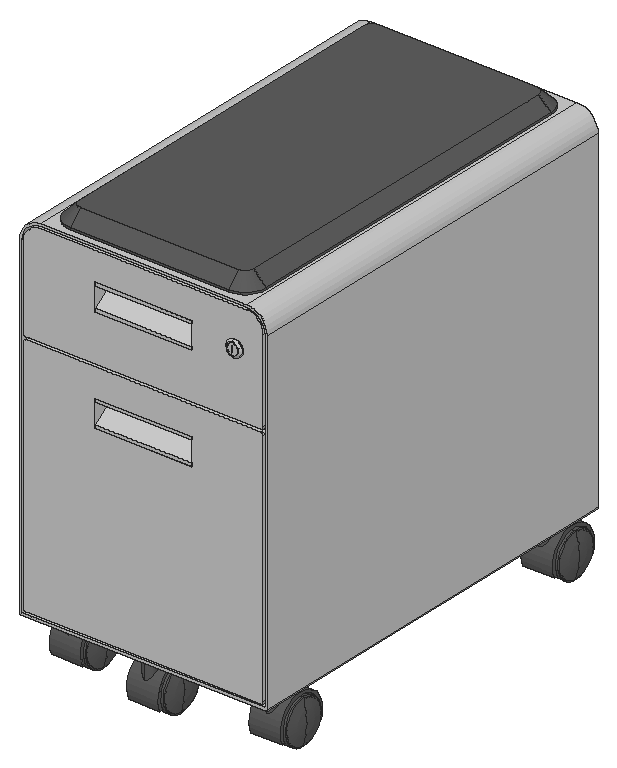
Revit family "Human_Solution-UPLIFT_Desk_Storage-Drawer-STR006", category Furniture, Revit 2014
Parameters (values of type "Narrow 2-Drawer Mobile Pedastal")
  Width = 11 7/8"
  Unit = HMS - Aluminum
  URL = "https://www.thehumansolution.com/"
  Type Comments = "Storage"  # constant formula
  Top = HMS - Plastic Black
  Salvage or Reuse = yes
  Percentage of Recycled Content = 0
  Model = "STR006"
  Material = ""
  Manufacturer = "Human Solution"  # constant formula
  Low Emitting Material = yes
  Low Emitting Finish = yes
  Keynote = "12500"
  Height = 19 1/2"
  Description = "Narrow 2-Drawer Mobile Pedastal w/seat  11.75\"W 19.75\"D 19.5\"H"
  Depth = 19 3/4"
  Caster = HMS - Plastic Black
  Assembly Code = "E2020200"
Reference planes (in)
  plane 1 "Center Front/Back": y = 5.88398
  plane 2: z = 0
  plane 3 "Center Left/Right": x = 0
  plane 4: x = -5.9375
  plane 5: x = 5.9375
  plane 6: z = 19.5
  plane 7: y = -13.86602
  plane 8: y = -3.99102
Forms (in)
  Sweep 1, solid, material "HMS - Aluminum" <- "Unit"
    path origin (0, 0, 0) x (1, 0, 0) y (0, 1, 0)
      loop
        line (0, 5.85273) -> (0, -13.83231)
    profile origin (0, -3.98979, 0) x (1, 0, 0) y (0, 0, 1)
      loop
        line (4.90551, 19.73696) -> (-4.90551, 19.73696)
        arc (-4.90551, 19.73696) -> (-5.61262, 19.44407) -> (-5.90551, 18.73696) r 1
        line (-5.90551, 18.73696) -> (-5.90551, 2.77282)
        arc (-5.90551, 2.77282) -> (-5.88794, 2.7304) -> (-5.84551, 2.71282) r 0.06
        line (-5.84551, 2.71282) -> (5.84551, 2.71282)
        arc (5.84551, 2.71282) -> (5.88794, 2.7304) -> (5.90551, 2.77282) r 0.06
        line (5.90551, 2.77282) -> (5.90551, 18.73696)
        arc (5.90551, 18.73696) -> (5.61262, 19.44407) -> (4.90551, 19.73696) r 1
      loop
        line (4.90551, 19.63696) -> (-4.90551, 19.63696)
        arc (-4.90551, 19.63696) -> (-5.54191, 19.37335) -> (-5.80551, 18.73696) r 0.9
        line (-5.80551, 18.73696) -> (-5.80551, 2.81282) -> (5.80551, 2.81282) -> (5.80551, 18.73696)
        arc (5.80551, 18.73696) -> (5.54191, 19.37335) -> (4.90551, 19.63696) r 0.9
  Extrusion 2, solid, material "HMS - Aluminum" <- "Unit"
    sketch origin (0, 5.85273, 0) x (-1, 0, 0) y (0, 0, 1)
      loop
        arc (-4.90551, 19.63696) -> (-5.54191, 19.37335) -> (-5.80551, 18.73696) r 0.9
        line (-5.80551, 18.73696) -> (-5.80551, 2.81282) -> (5.80551, 2.81282) -> (5.80551, 18.73696)
        arc (5.80551, 18.73696) -> (5.54191, 19.37335) -> (4.90551, 19.63696) r 0.9
        line (4.90551, 19.63696) -> (-4.90551, 19.63696)
    from 0 to -0.78073
  Sweep 3, solid, material "HMS - Aluminum" <- "Unit"
    path origin (0, 0, 0) x (0, 1, 0) y (0, 0, 1)
      loop
        line (-12.08231, 12.335) -> (-13.84216, 12.335)
    profile origin (0, -12.96223, 12.335) x (0, 0, -1) y (1, 0, 0)
      loop
        line (-2.32929, -5.58051) -> (-2.32929, 5.58051)
        arc (-2.32929, 5.58051) -> (-2.3659, 5.6689) -> (-2.45429, 5.70551) r 0.125
        line (-2.45429, 5.70551) -> (-6.40429, 5.70551)
        arc (-6.40429, 5.70551) -> (-6.96998, 5.4712) -> (-7.20429, 4.90551) r 0.8
        line (-7.20429, 4.90551) -> (-7.20429, -4.90551)
        arc (-7.20429, -4.90551) -> (-6.96998, -5.4712) -> (-6.40429, -5.70551) r 0.8
        line (-6.40429, -5.70551) -> (-2.45429, -5.70551)
        arc (-2.45429, -5.70551) -> (-2.3659, -5.6689) -> (-2.32929, -5.58051) r 0.125
      loop
        line (-2.22696, 5.58051) -> (-2.22696, -5.58051)
        arc (-2.22696, -5.58051) -> (-2.19035, -5.6689) -> (-2.10196, -5.70551) r 0.125
        line (-2.10196, -5.70551) -> (9.29304, -5.70551)
        arc (9.29304, -5.70551) -> (9.38143, -5.6689) -> (9.41804, -5.58051) r 0.125
        line (9.41804, -5.58051) -> (9.41804, 5.58051)
        arc (9.41804, 5.58051) -> (9.38143, 5.6689) -> (9.29304, 5.70551) r 0.125
        line (9.29304, 5.70551) -> (-2.10196, 5.70551)
        arc (-2.10196, 5.70551) -> (-2.19035, 5.6689) -> (-2.22696, 5.58051) r 0.125
      loop
        line (-4.56212, 2.32283) -> (-5.82196, 2.32283) -> (-5.82196, -2.32283) -> (-4.56212, -2.32283) -> (-4.56212, 2.32283)
      loop
        line (-0.84696, 2.32283) -> (-0.84696, -2.32283) -> (0.41288, -2.32283) -> (0.41288, 2.32283) -> (-0.84696, 2.32283)
  Sweep 4, solid, material "HMS - Plastic Black" <- "Top"
    path origin (0, 0, 0) x (1, 0, 0) y (0, 1, 0)
      loop
        arc (-3.75443, 5.4984) -> (-4.46154, 5.20551) -> (-4.75443, 4.4984) r 1
        line (-4.75443, 4.4984) -> (-4.75443, -12.47798)
        arc (-4.75443, -12.47798) -> (-4.46154, -13.18508) -> (-3.75443, -13.47798) r 1
        line (-3.75443, -13.47798) -> (3.7564, -13.47798)
        arc (3.7564, -13.47798) -> (4.4635, -13.18508) -> (4.7564, -12.47798) r 1
        line (4.7564, -12.47798) -> (4.7564, 4.4984)
        arc (4.7564, 4.4984) -> (4.4635, 5.20551) -> (3.7564, 5.4984) r 1
        line (3.7564, 5.4984) -> (-3.75443, 5.4984)
    profile origin (0.00098, 5.4984, 0) x (0, 1, 0) y (0, 0, 1)
      loop
        line (-0.65625, 20.40625) -> (-0.65625, 19.73375) -> (0, 19.73375) -> (0, 19.81249) -> (-0.59376, 20.40625) -> (-0.65625, 20.40625)
  Extrusion 5, solid, material "HMS - Aluminum" <- "Unit"
    sketch origin (0, 0, 0) x (0, 1, 0) y (0, 0, 1)
      loop
        line (-13.84216, 16.89712) -> (-12.40013, 17.93525)
        arc (-12.40013, 17.93525) -> (-12.35516, 18.07214) -> (-12.47163, 18.15696) r 0.12238
        line (-12.47163, 18.15696) -> (-13.84216, 18.15696) -> (-13.84216, 18.01633) -> (-12.50145, 18.01633) -> (-13.84216, 17.05114) -> (-13.84216, 16.89712)
      loop
        line (-13.84216, 11.92212) -> (-12.40013, 12.96025)
        arc (-12.40013, 12.96025) -> (-12.35516, 13.09714) -> (-12.47163, 13.18196) r 0.12238
        line (-12.47163, 13.18196) -> (-13.84216, 13.18196) -> (-13.84216, 13.04133) -> (-12.50145, 13.04133) -> (-13.84216, 12.07614) -> (-13.84216, 11.92212)
    from -2.32283 to 2.32283
  Extrusion 6, solid, material "HMS - Plastic Black" <- "Top"
    sketch origin (-3.75443, 4.84215, 20.40625) x (1, 0, 0) y (0, 1, 0)
      loop
        line (7.85458, -17.32013) -> (7.85458, -0.34375)
        arc (7.85458, -0.34375) -> (7.75389, -0.10068) -> (7.51083, 0) r 0.34375
        line (7.51083, 0) -> (0, 0)
        arc (0, 0) -> (-0.24307, -0.10068) -> (-0.34375, -0.34375) r 0.34375
        line (-0.34375, -0.34375) -> (-0.34375, -17.32013)
        arc (-0.34375, -17.32013) -> (-0.24307, -17.5632) -> (0, -17.66388) r 0.34375
        line (0, -17.66388) -> (7.51083, -17.66388)
        arc (7.51083, -17.66388) -> (7.75389, -17.5632) -> (7.85458, -17.32013) r 0.34375
    from 0 to -0.66929
  Revolve 7, solid, material "HMS - Plastic Black" <- "Caster"
    sketch origin (0, 4.90742, 0) x (1, 0, 0) y (0, 0, 1)
      loop
        line (-5.23622, 2.10672) -> (-5.59922, 2.10672)
        arc (-5.59922, 2.10672) -> (-5.6233, 2.09861) -> (-5.63756, 2.07757) r 0.03978
        arc (-5.63756, 2.07757) -> (-5.7443, 1.57513) -> (-5.78883, 1.06342) r 4.19489
        line (-5.78883, 1.06342) -> (-5.23622, 1.06342) -> (-5.23622, 2.10672)
      loop
        line (-4.29134, 2.10672) -> (-4.29134, 1.06342) -> (-3.73873, 1.06342)
        arc (-3.73873, 1.06342) -> (-3.78326, 1.57513) -> (-3.89, 2.07757) r 4.19489
        arc (-3.89, 2.07757) -> (-3.90426, 2.09861) -> (-3.92834, 2.10672) r 0.03978
        line (-3.92834, 2.10672) -> (-4.29134, 2.10672)
      loop
        line (5.23622, 2.10672) -> (5.23622, 1.06342) -> (5.78883, 1.06342)
        arc (5.78883, 1.06342) -> (5.7443, 1.57513) -> (5.63756, 2.07757) r 4.19489
        arc (5.63756, 2.07757) -> (5.6233, 2.09861) -> (5.59922, 2.10672) r 0.03978
        line (5.59922, 2.10672) -> (5.23622, 2.10672)
      loop
        line (4.29134, 2.10672) -> (3.92834, 2.10672)
        arc (3.92834, 2.10672) -> (3.90426, 2.09861) -> (3.89, 2.07757) r 0.03978
        arc (3.89, 2.07757) -> (3.78326, 1.57513) -> (3.73873, 1.06342) r 4.19489
        line (3.73873, 1.06342) -> (4.29134, 1.06342) -> (4.29134, 2.10672)
      axis (-5.78883, 1.06342) -> (5.78883, 1.06342)
    angle from 0 to 360
  Revolve 8, solid, material "HMS - Plastic Black" <- "Caster"
    sketch origin (0, -11.32695, 0) x (1, 0, 0) y (0, 0, -1)
      loop
        line (-5.23622, -2.10672) -> (-5.23622, -1.06342) -> (-5.78883, -1.06342)
        arc (-5.78883, -1.06342) -> (-5.7443, -1.57513) -> (-5.63756, -2.07757) r 4.19489
        arc (-5.63756, -2.07757) -> (-5.6233, -2.09861) -> (-5.59922, -2.10672) r 0.03978
        line (-5.59922, -2.10672) -> (-5.23622, -2.10672)
      loop
        line (-4.29134, -2.10672) -> (-3.92834, -2.10672)
        arc (-3.92834, -2.10672) -> (-3.90426, -2.09861) -> (-3.89, -2.07757) r 0.03978
        arc (-3.89, -2.07757) -> (-3.78326, -1.57513) -> (-3.73873, -1.06342) r 4.19489
        line (-3.73873, -1.06342) -> (-4.29134, -1.06342) -> (-4.29134, -2.10672)
      loop
        line (5.23622, -2.10672) -> (5.59922, -2.10672)
        arc (5.59922, -2.10672) -> (5.6233, -2.09861) -> (5.63756, -2.07757) r 0.03978
        arc (5.63756, -2.07757) -> (5.7443, -1.57513) -> (5.78883, -1.06342) r 4.19489
        line (5.78883, -1.06342) -> (5.23622, -1.06342) -> (5.23622, -2.10672)
      loop
        line (4.29134, -2.10672) -> (4.29134, -1.06342) -> (3.73873, -1.06342)
        arc (3.73873, -1.06342) -> (3.78326, -1.57513) -> (3.89, -2.07757) r 4.19489
        arc (3.89, -2.07757) -> (3.90426, -2.09861) -> (3.92834, -2.10672) r 0.03978
        line (3.92834, -2.10672) -> (4.29134, -2.10672)
      axis (-5.78883, -1.06342) -> (5.78883, -1.06342)
    angle from 0 to 360
  Extrusion 9, solid, material "HMS - Plastic Black" <- "Caster"
    sketch origin (0, 0, 0) x (0, 1, 0) y (0, 0, 1)
      loop
        arc (5.88618, 0.53192) -> (4.898, 2.18546) -> (3.90981, 0.53192) r 1.12205
        line (3.90981, 0.53192) -> (5.88618, 0.53192)
    from -5.05906 to -4.4685
  Extrusion 10, solid, material "HMS - Plastic Black" <- "Caster"
    sketch origin (0, 0, 0) x (0, 1, 0) y (0, 0, -1)
      loop
        line (5.88618, -0.53192) -> (3.90981, -0.53192)
        arc (3.90981, -0.53192) -> (4.898, -2.18546) -> (5.88618, -0.53192) r 1.12205
    from -5.05906 to -4.4685
  Extrusion 11, solid, material "HMS - Plastic Black" <- "Caster"
    sketch origin (0, -6.41953, 0) x (0, -1, 0) y (0, 0, -1)
      loop
        line (5.88618, -0.53192) -> (3.90981, -0.53192)
        arc (3.90981, -0.53192) -> (4.898, -2.18546) -> (5.88618, -0.53192) r 1.12205
    from -5.05906 to -4.4685
  Extrusion 12, solid, material "HMS - Plastic Black" <- "Caster"
    sketch origin (0, -6.41953, 0) x (0, -1, 0) y (0, 0, 1)
      loop
        arc (5.88618, 0.53192) -> (4.898, 2.18546) -> (3.90981, 0.53192) r 1.12205
        line (3.90981, 0.53192) -> (5.88618, 0.53192)
    from -5.05906 to -4.4685
  Extrusion 13, solid, material "HMS - Plastic Black" <- "Caster"
    sketch origin (0, 0, 0) x (0, 1, 0) y (0, 0, 1)
      loop
        arc (6.01849, 0.53192) -> (4.898, 2.31681) -> (3.7775, 0.53192) r 1.24415
        line (3.7775, 0.53192) -> (3.90981, 0.53192)
        arc (3.90981, 0.53192) -> (4.898, 2.18546) -> (5.88618, 0.53192) r 1.12205
        line (5.88618, 0.53192) -> (6.01849, 0.53192)
    from -5.51181 to -4.01575
  Extrusion 14, solid, material "HMS - Plastic Black" <- "Caster"
    sketch origin (0, 0, 0) x (0, 1, 0) y (0, 0, -1)
      loop
        line (6.01849, -0.53192) -> (5.88618, -0.53192)
        arc (5.88618, -0.53192) -> (4.898, -2.18546) -> (3.90981, -0.53192) r 1.12205
        line (3.90981, -0.53192) -> (3.7775, -0.53192)
        arc (3.7775, -0.53192) -> (4.898, -2.31681) -> (6.01849, -0.53192) r 1.24415
    from -5.51181 to -4.01575
  Extrusion 15, solid, material "HMS - Plastic Black" <- "Caster"
    sketch origin (0, -6.42735, 0) x (0, -1, 0) y (0, 0, -1)
      loop
        line (6.01849, -0.53192) -> (5.88618, -0.53192)
        arc (5.88618, -0.53192) -> (4.898, -2.18546) -> (3.90981, -0.53192) r 1.12205
        line (3.90981, -0.53192) -> (3.7775, -0.53192)
        arc (3.7775, -0.53192) -> (4.898, -2.31681) -> (6.01849, -0.53192) r 1.24415
    from -5.51181 to -4.01575
  Extrusion 16, solid, material "HMS - Plastic Black" <- "Caster"
    sketch origin (0, -6.42735, 0) x (0, -1, 0) y (0, 0, 1)
      loop
        arc (6.01849, 0.53192) -> (4.898, 2.31681) -> (3.7775, 0.53192) r 1.24415
        line (3.7775, 0.53192) -> (3.90981, 0.53192)
        arc (3.90981, 0.53192) -> (4.898, 2.18546) -> (5.88618, 0.53192) r 1.12205
        line (5.88618, 0.53192) -> (6.01849, 0.53192)
    from -5.51181 to -4.01575
  Revolve 17, solid, material "HMS - Plastic Black" <- "Caster"
    sketch origin (-4.76562, 0, 0) x (0, 1, 0) y (0, 0, 1)
      loop
        line (4.11059, 2.63822) -> (4.11059, 1.38822) -> (4.42598, 1.38822) -> (4.42598, 2.30318)
        arc (4.42598, 2.30318) -> (4.4201, 2.31738) -> (4.40591, 2.32326) r 0.02008
        line (4.40591, 2.32326) -> (4.35213, 2.32326)
        arc (4.35213, 2.32326) -> (4.43132, 2.40245) -> (4.35213, 2.48165) r 0.07919
        line (4.35213, 2.48165) -> (4.5819, 2.63822) -> (4.11059, 2.63822)
      axis (4.11059, 1.38822) -> (4.11059, 2.63822)
    angle from 0 to 360
  Revolve 18, solid, material "HMS - Plastic Black" <- "Caster"
    sketch origin (4.76563, 0, 0) x (0, 1, 0) y (0, 0, -1)
      loop
        line (4.11059, -2.63822) -> (4.5819, -2.63822) -> (4.35213, -2.48165)
        arc (4.35213, -2.48165) -> (4.43132, -2.40245) -> (4.35213, -2.32326) r 0.07919
        line (4.35213, -2.32326) -> (4.40591, -2.32326)
        arc (4.40591, -2.32326) -> (4.4201, -2.31738) -> (4.42598, -2.30318) r 0.02008
        line (4.42598, -2.30318) -> (4.42598, -1.38822) -> (4.11059, -1.38822) -> (4.11059, -2.63822)
      axis (4.11059, -1.38822) -> (4.11059, -2.63822)
    angle from 0 to 360
  Revolve 19, solid, material "HMS - Plastic Black" <- "Caster"
    sketch origin (4.76563, -7.99766, 0) x (0, -1, 0) y (0, 0, 1)
      loop
        line (4.11059, 2.63822) -> (4.11059, 1.38822) -> (4.42598, 1.38822) -> (4.42598, 2.30318)
        arc (4.42598, 2.30318) -> (4.4201, 2.31738) -> (4.40591, 2.32326) r 0.02008
        line (4.40591, 2.32326) -> (4.35213, 2.32326)
        arc (4.35213, 2.32326) -> (4.43132, 2.40245) -> (4.35213, 2.48165) r 0.07919
        line (4.35213, 2.48165) -> (4.5819, 2.63822) -> (4.11059, 2.63822)
      axis (4.11059, 1.38822) -> (4.11059, 2.63822)
    angle from 0 to 360
  Revolve 20, solid, material "HMS - Plastic Black" <- "Caster"
    sketch origin (-4.76562, -7.99766, 0) x (0, -1, 0) y (0, 0, -1)
      loop
        line (4.11059, -2.63822) -> (4.5819, -2.63822) -> (4.35213, -2.48165)
        arc (4.35213, -2.48165) -> (4.43132, -2.40245) -> (4.35213, -2.32326) r 0.07919
        line (4.35213, -2.32326) -> (4.40591, -2.32326)
        arc (4.40591, -2.32326) -> (4.4201, -2.31738) -> (4.42598, -2.30318) r 0.02008
        line (4.42598, -2.30318) -> (4.42598, -1.38822) -> (4.11059, -1.38822) -> (4.11059, -2.63822)
      axis (4.11059, -1.38822) -> (4.11059, -2.63822)
    angle from 0 to 360
  Extrusion 21, solid, material "HMS - Plastic Black" <- "Caster"
    sketch origin (0, 0, 0) x (1, 0, 0) y (0, 1, 0)
      loop
        line (-5.29528, 3.36256) -> (-4.23228, 3.36256)
        arc (-4.23228, 3.36256) -> (-4.07917, 3.42598) -> (-4.01575, 3.5791) r 0.21654
        line (-4.01575, 3.5791) -> (-4.01575, 4.64209)
        arc (-4.01575, 4.64209) -> (-4.07917, 4.7952) -> (-4.23228, 4.85863) r 0.21654
        line (-4.23228, 4.85863) -> (-5.29528, 4.85863)
        arc (-5.29528, 4.85863) -> (-5.44839, 4.7952) -> (-5.51181, 4.64209) r 0.21654
        line (-5.51181, 4.64209) -> (-5.51181, 3.5791)
        arc (-5.51181, 3.5791) -> (-5.44839, 3.42598) -> (-5.29528, 3.36256) r 0.21654
      loop
        line (4.23228, 3.36256) -> (5.29528, 3.36256)
        arc (5.29528, 3.36256) -> (5.44839, 3.42598) -> (5.51181, 3.5791) r 0.21654
        line (5.51181, 3.5791) -> (5.51181, 4.64209)
        arc (5.51181, 4.64209) -> (5.44839, 4.7952) -> (5.29528, 4.85863) r 0.21654
        line (5.29528, 4.85863) -> (4.23228, 4.85863)
        arc (4.23228, 4.85863) -> (4.07917, 4.7952) -> (4.01575, 4.64209) r 0.21654
        line (4.01575, 4.64209) -> (4.01575, 3.5791)
        arc (4.01575, 3.5791) -> (4.07917, 3.42598) -> (4.23228, 3.36256) r 0.21654
      loop
        line (-5.29528, -12.85791) -> (-4.23228, -12.85791)
        arc (-4.23228, -12.85791) -> (-4.07917, -12.79449) -> (-4.01575, -12.64137) r 0.21654
        line (-4.01575, -12.64137) -> (-4.01575, -11.57838)
        arc (-4.01575, -11.57838) -> (-4.07917, -11.42527) -> (-4.23228, -11.36185) r 0.21654
        line (-4.23228, -11.36185) -> (-5.29528, -11.36185)
        arc (-5.29528, -11.36185) -> (-5.44839, -11.42527) -> (-5.51181, -11.57838) r 0.21654
        line (-5.51181, -11.57838) -> (-5.51181, -12.64137)
        arc (-5.51181, -12.64137) -> (-5.44839, -12.79449) -> (-5.29528, -12.85791) r 0.21654
      loop
        line (4.23228, -12.85791) -> (5.29528, -12.85791)
        arc (5.29528, -12.85791) -> (5.44839, -12.79449) -> (5.51181, -12.64137) r 0.21654
        line (5.51181, -12.64137) -> (5.51181, -11.57838)
        arc (5.51181, -11.57838) -> (5.44839, -11.42527) -> (5.29528, -11.36185) r 0.21654
        line (5.29528, -11.36185) -> (4.23228, -11.36185)
        arc (4.23228, -11.36185) -> (4.07917, -11.42527) -> (4.01575, -11.57838) r 0.21654
        line (4.01575, -11.57838) -> (4.01575, -12.64137)
        arc (4.01575, -12.64137) -> (4.07917, -12.79449) -> (4.23228, -12.85791) r 0.21654
    from 2.63822 to 2.71696
  Revolve 22, solid, material "HMS - Plastic Black" <- "Caster"
    sketch origin (0, -12.66289, 0) x (1, 0, 0) y (0, 0, 1)
      loop
        line (-0.47244, 2.44452) -> (-0.83684, 2.44452)
        arc (-0.83684, 2.44452) -> (-0.85976, 2.43688) -> (-0.87351, 2.41701) r 0.0382
        arc (-0.87351, 2.41701) -> (-0.98412, 1.91425) -> (-1.02648, 1.40121) r 3.83999
        line (-1.02648, 1.40121) -> (-0.47244, 1.40121) -> (-0.47244, 2.44452)
      loop
        line (0.47244, 2.44452) -> (0.47244, 1.40121) -> (1.02648, 1.40121)
        arc (1.02648, 1.40121) -> (0.98412, 1.91425) -> (0.87351, 2.41701) r 3.83999
        arc (0.87351, 2.41701) -> (0.85976, 2.43688) -> (0.83684, 2.44452) r 0.0382
        line (0.83684, 2.44452) -> (0.47244, 2.44452)
      axis (-1.02648, 1.40121) -> (1.02648, 1.40121)
    angle from 0 to 360
  Extrusion 23, solid, material "HMS - Plastic Black" <- "Caster"
    sketch origin (0, 0, 0) x (0, 1, 0) y (0, 0, 1)
      loop
        arc (-11.67288, 0.86971) -> (-12.66106, 2.52326) -> (-13.64924, 0.86971) r 1.12205
        line (-13.64924, 0.86971) -> (-11.67288, 0.86971)
    from -0.29528 to 0.29528
  Extrusion 24, solid, material "HMS - Plastic Black" <- "Caster"
    sketch origin (0, 0, 0) x (0, 1, 0) y (0, 0, 1)
      loop
        line (-11.67288, 0.86971) -> (-11.54057, 0.86971)
        arc (-11.54057, 0.86971) -> (-12.66106, 2.65204) -> (-13.78155, 0.86971) r 1.24337
        line (-13.78155, 0.86971) -> (-13.64924, 0.86971)
        arc (-13.64924, 0.86971) -> (-12.66106, 2.52326) -> (-11.67288, 0.86971) r 1.12205
    from -0.74803 to 0.74803
  Revolve 25, solid, material "HMS - Plastic Black" <- "Caster"
    sketch origin (0, 0, 0) x (0, 1, 0) y (0, 0, 1)
      loop
        line (-13.47084, 2.71696) -> (-13.63268, 2.71696) -> (-13.63268, 2.66105) -> (-13.77204, 2.66105) -> (-13.77204, 1.96696) -> (-13.47084, 1.96696) -> (-13.47084, 2.71696)
      axis (-13.47084, 1.96696) -> (-13.47084, 2.71696)
    angle from 0 to 360
  Revolve 26, solid, material "HMS - Aluminum" <- "Unit"
    sketch origin (4.34375, 0, 0) x (0, 1, 0) y (0, 0, 1)
      loop
        line (-13.96027, 17.98499) -> (-13.96027, 17.95307) -> (-13.82518, 17.95307) -> (-13.82518, 18.08392) -> (-13.86134, 18.08392) -> (-13.96027, 17.98499)
      axis (-13.96027, 17.68971) -> (-13.82518, 17.68971)
    angle from 0 to 360
  Extrusion 27, solid, material "HMS - Aluminum" <- "Unit"
    sketch origin (0, 5.88398, 0) x (1, 0, 0) y (0, 0, 1)
      loop
        circle (4.34375, 17.68971) r 0.26336
      loop
        line (4.29756, 17.83971) -> (4.29756, 17.53971) -> (4.35756, 17.53971) -> (4.35756, 17.83971) -> (4.29756, 17.83971)
    from 19.84426 to 19.71629
Cuts and joins
  joined: Sweep 4, Extrusion 6
Lines and regions (in)
  symbolic lines
    curve 1: line (-5.90551, 5.85273, 0) -> (5.90551, 5.85273, 0)
    curve 2: line (-5.90551, 5.85273, 0) -> (-5.90551, -13.83231, 0)
    curve 3: line (5.90551, 5.85273, 0) -> (5.90551, -13.83231, 0)
    curve 4: line (-5.90551, -13.83231, 0) -> (5.90551, -13.83231, 0)
    curve 5: line (3.7564, 5.4984, 0) -> (-3.75443, 5.4984, 0)
    curve 6: line (4.7564, -12.47798, 0) -> (4.7564, 4.4984, 0)
    curve 7: line (-4.75443, 4.4984, 0) -> (-4.75443, -12.47798, 0)
    curve 8: line (3.76288, 4.90464, 0) -> (-3.74481, 4.90464, 0)
    curve 9: line (-4.16067, -12.4876, 0) -> (-4.16067, 4.48879, 0)
    curve 10: line (4.16264, 4.50489, 0) -> (4.16264, -12.49184, 0)
    curve 11: line (3.77026, -12.88422, 0) -> (-3.76405, -12.88422, 0)
    curve 12: line (-3.75443, -13.47798, 0) -> (3.7564, -13.47798, 0)
    curve 13: arc (-4.75443, -12.47798, 0) -> (-4.46154, -13.18508, 0) -> (-3.75443, -13.47798, 0) r 1
    curve 14: arc (-3.76405, -12.88422, 0) -> (-4.0445, -12.76805, 0) -> (-4.16067, -12.4876, 0) r 0.39662
    curve 15: arc (4.16264, -12.49184, 0) -> (4.04771, -12.76929, 0) -> (3.77026, -12.88422, 0) r 0.39237
    curve 16: arc (4.7564, -12.47798, 0) -> (4.4635, -13.18508, 0) -> (3.7564, -13.47798, 0) r 1
    curve 17: arc (4.16264, 4.50489, 0) -> (4.04555, 4.78756, 0) -> (3.76288, 4.90464, 0) r 0.39975
    curve 18: arc (3.7564, 5.4984, 0) -> (4.4635, 5.20551, 0) -> (4.7564, 4.4984, 0) r 1
    curve 19: arc (-3.75443, 5.4984, 0) -> (-4.46154, 5.20551, 0) -> (-4.75443, 4.4984, 0) r 1
    curve 20: arc (-3.74481, 4.90464, 0) -> (-4.03887, 4.78284, 0) -> (-4.16067, 4.48879, 0) r 0.41585
  symbolic lines, style "FurnitureHiddenLines", detail levels fine
    curve 21: line (-5.51181, 6.14214, 0) -> (-4.01575, 6.14214, 0)
    curve 22: line (-5.51181, 3.65385, 0) -> (-5.51181, 6.14214, 0)
    curve 23: line (-4.01575, 3.65385, 0) -> (-5.51181, 3.65385, 0)
    curve 24: line (-4.01575, 6.14214, 0) -> (-4.01575, 3.65385, 0)
    curve 25: line (-4.29134, 5.95073, 0) -> (-4.29134, 3.86411, 0)
    curve 26: line (-4.29134, 3.86411, 0) -> (-3.92077, 3.86411, 0)
    curve 27: line (-4.29134, 5.95073, 0) -> (-3.92077, 5.95073, 0)
    curve 28: arc (-3.92077, 5.95073, 0) -> (-3.75907, 4.90742, 0) -> (-3.92077, 3.86411, 0) r 3.44658
    curve 29: line (-5.23622, 5.95073, 0) -> (-5.23622, 3.86411, 0)
    curve 30: line (-5.23622, 3.86411, 0) -> (-5.60679, 3.86411, 0)
    curve 31: line (-5.23622, 5.95073, 0) -> (-5.60679, 5.95073, 0)
    curve 32: arc (-5.60679, 5.95073, 0) -> (-5.76849, 4.90742, 0) -> (-5.60679, 3.86411, 0) r 3.44658
    curve 33: circle (-4.75443, 4.11047, 0) r 0.4713 normal (0, 0, 1)
    curve 34: line (3.98819, 6.14214, 0) -> (5.48425, 6.14214, 0)
    curve 35: line (3.98819, 3.65385, 0) -> (3.98819, 6.14214, 0)
    curve 36: line (5.48425, 3.65385, 0) -> (3.98819, 3.65385, 0)
    curve 37: line (5.48425, 6.14214, 0) -> (5.48425, 3.65385, 0)
    curve 38: line (5.20866, 5.95073, 0) -> (5.20866, 3.86411, 0)
    curve 39: line (5.20866, 3.86411, 0) -> (5.57923, 3.86411, 0)
    curve 40: line (5.20866, 5.95073, 0) -> (5.57923, 5.95073, 0)
    curve 41: arc (5.57923, 5.95073, 0) -> (5.74093, 4.90742, 0) -> (5.57923, 3.86411, 0) r 3.44658
    curve 42: line (4.26378, 5.95073, 0) -> (4.26378, 3.86411, 0)
    curve 43: line (4.26378, 3.86411, 0) -> (3.89321, 3.86411, 0)
    curve 44: line (4.26378, 5.95073, 0) -> (3.89321, 5.95073, 0)
    curve 45: arc (3.89321, 5.95073, 0) -> (3.73151, 4.90742, 0) -> (3.89321, 3.86411, 0) r 3.44658
    curve 46: circle (4.74557, 4.11047, 0) r 0.4713 normal (0, 0, 1)
    curve 47: line (3.98819, -10.10786, 0) -> (5.48425, -10.10786, 0)
    curve 48: line (3.98819, -12.59615, 0) -> (3.98819, -10.10786, 0)
    curve 49: line (5.48425, -12.59615, 0) -> (3.98819, -12.59615, 0)
    curve 50: line (5.48425, -10.10786, 0) -> (5.48425, -12.59615, 0)
    curve 51: line (5.20866, -10.29927, 0) -> (5.20866, -12.38589, 0)
    curve 52: line (5.20866, -12.38589, 0) -> (5.57923, -12.38589, 0)
    curve 53: line (5.20866, -10.29927, 0) -> (5.57923, -10.29927, 0)
    curve 54: arc (5.57923, -10.29927, 0) -> (5.74093, -11.34258, 0) -> (5.57923, -12.38589, 0) r 3.44658
    curve 55: line (4.26378, -10.29927, 0) -> (4.26378, -12.38589, 0)
    curve 56: line (4.26378, -12.38589, 0) -> (3.89321, -12.38589, 0)
    curve 57: line (4.26378, -10.29927, 0) -> (3.89321, -10.29927, 0)
    curve 58: arc (3.89321, -10.29927, 0) -> (3.73151, -11.34258, 0) -> (3.89321, -12.38589, 0) r 3.44658
    curve 59: circle (4.74557, -12.13953, 0) r 0.4713 normal (0, 0, 1)
    curve 60: line (-0.74803, -11.41769, 0) -> (0.74803, -11.41769, 0)
    curve 61: line (-0.74803, -13.90599, 0) -> (-0.74803, -11.41769, 0)
    curve 62: line (0.74803, -13.90599, 0) -> (-0.74803, -13.90599, 0)
    curve 63: line (0.74803, -11.41769, 0) -> (0.74803, -13.90599, 0)
    curve 64: line (0.47244, -11.60911, 0) -> (0.47244, -13.69572, 0)
    curve 65: line (0.47244, -13.69572, 0) -> (0.84301, -13.69572, 0)
    curve 66: line (0.47244, -11.60911, 0) -> (0.84301, -11.60911, 0)
    curve 67: arc (0.84301, -11.60911, 0) -> (1.00471, -12.65241, 0) -> (0.84301, -13.69572, 0) r 3.44658
    curve 68: line (-0.47244, -11.60911, 0) -> (-0.47244, -13.69572, 0)
    curve 69: line (-0.47244, -13.69572, 0) -> (-0.84301, -13.69572, 0)
    curve 70: line (-0.47244, -11.60911, 0) -> (-0.84301, -11.60911, 0)
    curve 71: arc (-0.84301, -11.60911, 0) -> (-1.00471, -12.65241, 0) -> (-0.84301, -13.69572, 0) r 3.44658
    curve 72: circle (0.00935, -13.44936, 0) r 0.4713 normal (0, 0, 1)
    curve 73: line (-5.51181, -10.08119, 0) -> (-4.01575, -10.08119, 0)
    curve 74: line (-5.51181, -12.56949, 0) -> (-5.51181, -10.08119, 0)
    curve 75: line (-4.01575, -12.56949, 0) -> (-5.51181, -12.56949, 0)
    curve 76: line (-4.01575, -10.08119, 0) -> (-4.01575, -12.56949, 0)
    curve 77: line (-4.29134, -10.27261, 0) -> (-4.29134, -12.35922, 0)
    curve 78: line (-4.29134, -12.35922, 0) -> (-3.92077, -12.35922, 0)
    curve 79: line (-4.29134, -10.27261, 0) -> (-3.92077, -10.27261, 0)
    curve 80: arc (-3.92077, -10.27261, 0) -> (-3.75907, -11.31592, 0) -> (-3.92077, -12.35922, 0) r 3.44658
    curve 81: line (-5.23622, -10.27261, 0) -> (-5.23622, -12.35922, 0)
    curve 82: line (-5.23622, -12.35922, 0) -> (-5.60679, -12.35922, 0)
    curve 83: line (-5.23622, -10.27261, 0) -> (-5.60679, -10.27261, 0)
    curve 84: arc (-5.60679, -10.27261, 0) -> (-5.76849, -11.31592, 0) -> (-5.60679, -12.35922, 0) r 3.44658
    curve 85: circle (-4.75443, -12.11287, 0) r 0.4713 normal (0, 0, 1)
Dimensions and locks (in)
  "Width": plane 4 to plane 5
  "Height": plane 6 to plane 2
  "Depth": plane 7 to plane 1 "Center Front/Back"
  equal spacing: plane 4, plane 3 "Center Left/Right", plane 5
  equal spacing: plane 7, plane 8, plane 1 "Center Front/Back"
  locked: plane 1 "Center Front/Back" to Extrusion 2 at 0.81198
  locked: Sweep 3 sketch curve to plane 6 at 7.165
  Sweep 4 sketch curve to Sweep 4 sketch curve to plane 1 "Center Front/Back" = 18.97638" locked, 0.38558" locked
  aligned and locked: level to plane 2
  aligned and locked: Sweep 1 sketch curve to plane 3 "Center Left/Right"
  aligned and locked: Extrusion 2 sketch curve to Sweep 1  (x4)
  aligned and locked: Sweep 1 to Extrusion 2
  aligned and locked: Extrusion 5 to Sweep 3  (x2)
  aligned and locked: Extrusion 6 sketch curve to Sweep 4  (x3)
  aligned and locked: Extrusion 6 to Sweep 4
  aligned and locked: Extrusion 6 to Sweep 1
  aligned and locked: Extrusion 27 sketch curve to Revolve 26
  aligned and locked: curve 1 to Sweep 1
  aligned and locked: curve 4 to Sweep 1
  aligned and locked: curve 5 to cut or joined group of Sweep 4, Extrusion 6
  aligned and locked: curve 6 to cut or joined group of Sweep 4, Extrusion 6
  aligned and locked: curve 7 to cut or joined group of Sweep 4, Extrusion 6
  aligned and locked: curve 8 to cut or joined group of Sweep 4, Extrusion 6
  aligned and locked: curve 9 to cut or joined group of Sweep 4, Extrusion 6
  aligned and locked: curve 10 to cut or joined group of Sweep 4, Extrusion 6
  aligned and locked: curve 11 to cut or joined group of Sweep 4, Extrusion 6
  aligned and locked: curve 12 to cut or joined group of Sweep 4, Extrusion 6
Automatic sketch dimensions
  plane 7 to Sweep 3 sketch curve = 0.02385"
  Sweep 3 sketch curve to Sweep 3 sketch curve = 1.75986"
  plane 7 to Extrusion 5 sketch curve = 0.02385"  (x4)
  Extrusion 5 sketch curve to Extrusion 5 sketch curve = 1.34071"  (x2)
  Extrusion 5 sketch curve to Extrusion 5 sketch curve = 0.02982"  (x2)
  Extrusion 5 sketch curve to Extrusion 5 sketch curve = 0.0715"  (x2)
  Extrusion 5 sketch curve to plane 6 = 7.57788"
  Extrusion 5 sketch curve to Extrusion 5 sketch curve = 0.15402"  (x2)
  Extrusion 5 sketch curve to Extrusion 5 sketch curve = 0.88411"
  Extrusion 5 sketch curve to Extrusion 5 sketch curve = 0.08108"  (x2)
  Extrusion 5 sketch curve to Extrusion 5 sketch curve = 0.01824"  (x2)
  Extrusion 5 sketch curve to plane 6 = 2.60288"
  Extrusion 5 sketch curve to plane 6 = 1.56475"
  Revolve 26 sketch curve to plane 7 = 0"
  Revolve 26 sketch curve to plane 7 = 0.09426"  (x2)
  plane 7 to Revolve 26 sketch curve = 0.00467"
  Revolve 26 sketch curve to Revolve 26 sketch curve = 0.03616"
  Revolve 26 sketch curve to plane 6 = 1.54693"
  Revolve 26 sketch curve to Revolve 26 sketch curve = 0.03192"
  Revolve 26 sketch curve to Revolve 26 sketch curve = 0.13085"
  Revolve 26 sketch curve to Revolve 26 sketch curve = 0.26336"
  Extrusion 27 sketch curve to Extrusion 27 sketch curve = 0.04619"
  Extrusion 27 sketch curve to Extrusion 27 sketch curve = 0.06"
  Extrusion 27 sketch curve to Extrusion 27 sketch curve = 0.15"  (x2)
  curve 29 to plane 1 "Center Front/Back" = 0.06674"
  plane 4 to curve 29 = 0.70128"
  plane 4 to curve 81 = 0.70128"
  curve 21 to curve 29 = 0.27559"
  curve 73 to curve 81 = 0.27559"
  curve 31 to curve 21 = 0.09498"
  curve 30 to curve 22 = 0.09498"
  curve 83 to curve 73 = 0.09498"
  curve 82 to curve 74 = 0.09498"
  plane 4 to curve 1 = 0.03199"
  curve 28 to plane 4 = 1.26815"
  curve 80 to plane 4 = 1.26815"
  curve 85 to curve 7 = 0"
  curve 33 to curve 7 = 0"
  curve 81 to curve 79 = 0.94488"
  curve 25 to plane 1 "Center Front/Back" = 0.06674"
  curve 29 to curve 25 = 0.94488"
  curve 77 to curve 76 = 0.27559"
  curve 25 to curve 21 = 0.27559"
  curve 73 to curve 79 = 0.09498"
  curve 75 to curve 78 = 0.09498"
  curve 23 to curve 26 = 0.09498"
  curve 21 to curve 27 = 0.09498"
  curve 75 to curve 11 = 0.2517"
  curve 27 to curve 5 = 0.16634"
  curve 14 to curve 13 = 0.00962"
  curve 19 to curve 8 = 0.00961"
  curve 13 to curve 67 = 1.31256"
  curve 20 to curve 32 = 1.42291"
  curve 67 to curve 84 = 0.11997"
  curve 70 to plane 3 "Center Left/Right" = 0.84301"
  plane 7 to curve 69 = 0.1703"
  curve 69 to plane 3 "Center Left/Right" = 0.84301"
  curve 71 to curve 60 = 0.09498"
  curve 60 to curve 70 = 0.27559"
  plane 3 "Center Left/Right" to curve 72 = 0.00935"
  plane 3 "Center Left/Right" to curve 64 = 0.47244"
  curve 62 to plane 7 = 0.03997"
  curve 64 to curve 62 = 0.27559"
  curve 60 to curve 66 = 0.09498"
  plane 7 to curve 65 = 0.1703"
  curve 62 to curve 65 = 0.09498"
  curve 66 to curve 54 = 1.45134"
  curve 41 to curve 17 = 1.86829"
  curve 54 to curve 71 = 0.14753"
  curve 5 to curve 17 = 13/32"
  curve 12 to curve 15 = 13/32"
  curve 18 to curve 8 = 0.00649"
  curve 16 to curve 15 = 0.01387"
  curve 44 to plane 1 "Center Front/Back" = 0.06674"
  curve 18 to curve 44 = 0.13681"
  curve 15 to curve 56 = 0.12295"
  curve 18 to curve 43 = 0.13681"
  curve 54 to curve 57 = 1.59886"
  curve 45 to curve 36 = 0.09498"
  curve 48 to curve 15 = 0.17445"
  curve 10 to curve 56 = 0.10114"
  curve 34 to curve 44 = 0.27559"
  curve 46 to curve 6 = 0.01083"
  curve 59 to curve 6 = 0.01083"
  curve 46 to curve 39 = 0.46309"
  curve 6 to curve 52 = 0.45226"
  curve 38 to curve 34 = 0.27559"
  curve 51 to curve 49 = 0.27559"
  curve 40 to plane 1 "Center Front/Back" = 0.06674"
  curve 34 to curve 40 = 0.09498"
  curve 47 to curve 53 = 0.09498"
  curve 49 to curve 52 = 0.09498"
  curve 36 to curve 39 = 0.09498"
  curve 3 to plane 5 = 0.03199"
  plane 5 to curve 58 = 1.24059"
  plane 5 to curve 45 = 1.24059"
  plane 7 to curve 72 = 0.41665"
  plane 7 to curve 71 = 1.2136"
  plane 7 to curve 67 = 1.2136"
  curve 50 to curve 16 = 0.11818"
  curve 75 to curve 13 = 0.09152"
  curve 49 to curve 52 = 0.21027"
  curve 15 to curve 56 = 0.10596"
  curve 74 to curve 82 = 0.21027"
  curve 14 to curve 78 = 0.12837"
  curve 6 to curve 59 = 0.33845"
  curve 7 to curve 85 = 0.36511"
  curve 66 to curve 60 = 49/256"
  curve 54 to curve 58 = 1.04331"
  curve 71 to curve 54 = 1.30983"
  curve 67 to curve 84 = 1.3365"
  curve 84 to curve 80 = 1.04331"
  curve 53 to curve 50 = 49/256"
  curve 79 to curve 76 = 49/256"
  curve 36 to curve 10 = 0.85104"
  curve 22 to curve 19 = 0.84456"
  curve 22 to curve 29 = 0.21027"
  curve 35 to curve 43 = 0.21027"
  curve 23 to curve 26 = 0.21027"
  curve 36 to curve 39 = 0.21027"
  curve 46 to curve 6 = 0.38793"
  curve 33 to curve 7 = 0.38793"
  curve 44 to curve 35 = 49/256"
  curve 28 to curve 24 = 49/256"
  plane 7 to Sweep 1 sketch curve = 0.03371"
  plane 1 "Center Front/Back" to Sweep 1 sketch curve = 1/32"
  Sweep 1 sketch curve to Sweep 1 sketch curve = 0"  (x4)
  level to Sweep 1 sketch curve = 2.77282"
  profile plane to Sweep 1 sketch curve = 5.90551"
  Sweep 1 sketch curve to Sweep 1 sketch curve = 0.06"  (x2)
  Sweep 1 sketch curve to Sweep 1 sketch curve = 0.1"
  Sweep 1 sketch curve to Sweep 1 sketch curve = 0.9"  (x2)
  Sweep 1 sketch curve to profile plane = 4.90551"
  Sweep 1 sketch curve to Sweep 1 sketch curve = 0.04"
  Sweep 1 sketch curve to Sweep 1 sketch curve = 15.92414"
  Sweep 1 to Extrusion 2 sketch curve = 0.9"
  profile plane to Sweep 3 sketch curve = 7.20429"
  Sweep 3 sketch curve to Sweep 3 sketch curve = 0.8"  (x2)
  Sweep 3 sketch curve to Sweep 3 sketch curve = 0.58233"
  Sweep 3 sketch curve to Sweep 3 sketch curve = 1.25984"
  profile plane to Sweep 3 sketch curve = 2.45429"  (x2)
  Sweep 3 sketch curve to Sweep 3 sketch curve = 1/8"  (x5)
  Sweep 3 sketch curve to Sweep 3 sketch curve = 0.10233"
  profile plane to Sweep 3 sketch curve = 0.84696"
  Sweep 3 sketch curve to profile plane = 0.41288"
  Sweep 3 sketch curve to profile plane = 9.29304"  (x2)
  Sweep 3 sketch curve to plane 3 "Center Left/Right" = 5.70551"
  Sweep 3 sketch curve to plane 3 "Center Left/Right" = 2.32283"  (x2)
  plane 3 "Center Left/Right" to Sweep 3 sketch curve = 2.32283"  (x2)
  Sweep 3 sketch curve to Sweep 3 sketch curve = 2.58268"
  plane 3 "Center Left/Right" to Sweep 3 sketch curve = 5.58051"
  plane 4 to Sweep 4 sketch curve = 1.18307"
  Sweep 4 sketch curve to Sweep 4 sketch curve = 1"  (x2)
  Sweep 4 sketch curve to plane 5 = 2.1811"  (x2)
  plane 7 to Sweep 4 sketch curve = 1.38804"
  Sweep 4 sketch curve to profile plane = 0"
  profile plane to Sweep 4 sketch curve = 19/32"
  Sweep 4 sketch curve to Sweep 4 sketch curve = 1/16"
  level to Sweep 4 sketch curve = 19.73375"
  Sweep 4 sketch curve to Sweep 4 sketch curve = 0.07874"
  Sweep 4 sketch curve to Sweep 4 sketch curve = 0.6725"
  Extrusion 6 sketch curve to Extrusion 6 sketch curve = 11/32"  (x2)
  Extrusion 6 sketch curve to Sweep 4 = 11/32"
  level to Revolve 7 sketch curve = 0.95627"  (x4)
  Revolve 7 sketch curve to plane 4 = 1.99475"
  plane 4 to Revolve 7 sketch curve = 0.14867"
  plane 4 to Revolve 7 sketch curve = 0.33828"
  Revolve 7 sketch curve to Revolve 7 sketch curve = 0.363"  (x2)
  Revolve 7 sketch curve to Revolve 7 sketch curve = 0.94488"
  Revolve 7 sketch curve to Revolve 7 sketch curve = 0.55261"  (x2)
  Revolve 7 sketch curve to plane 3 "Center Left/Right" = 1.59531"
  plane 3 "Center Left/Right" to Revolve 7 sketch curve = 1.59531"
  level to Revolve 7 sketch curve = 1.06342"  (x3)
  Revolve 7 sketch curve to Revolve 7 sketch curve = 2.14342"
  Revolve 7 sketch curve to Revolve 7 sketch curve = 0.18961"
  Revolve 7 sketch curve to plane 5 = 0.70128"
  Revolve 7 sketch curve to plane 5 = 0.33828"
  Revolve 7 sketch curve to plane 5 = 0.14867"
  plane 5 to Revolve 7 sketch curve = 1.99475"
  Revolve 7 sketch curve to Revolve 7 sketch curve = 0"  (x2)
  Revolve 7 sketch curve to Revolve 7 sketch curve = 1.00352"  (x4)
  Revolve 7 sketch curve to Revolve 7 sketch curve = 0.03978"  (x4)
  Revolve 7 sketch curve to Revolve 7 sketch curve = 0.19442"
  Revolve 7 sketch curve to Revolve 7 sketch curve = 0.02426"
  level to Revolve 8 sketch curve = 0.95627"  (x4)
  Revolve 8 sketch curve to plane 4 = 1.99475"
  plane 4 to Revolve 8 sketch curve = 0.14867"
  plane 4 to Revolve 8 sketch curve = 0.33828"
  Revolve 8 sketch curve to Revolve 8 sketch curve = 0.363"  (x2)
  Revolve 8 sketch curve to Revolve 8 sketch curve = 0.94488"
  Revolve 8 sketch curve to Revolve 8 sketch curve = 0.55261"  (x2)
  Revolve 8 sketch curve to plane 3 "Center Left/Right" = 1.59531"
  plane 3 "Center Left/Right" to Revolve 8 sketch curve = 1.59531"
  level to Revolve 8 sketch curve = 1.06342"  (x2)
  Revolve 8 sketch curve to Revolve 8 sketch curve = 2.14342"
  Revolve 8 sketch curve to Revolve 8 sketch curve = 0.18961"
  Revolve 8 sketch curve to plane 5 = 0.70128"
  Revolve 8 sketch curve to plane 5 = 0.33828"
  Revolve 8 sketch curve to plane 5 = 0.14867"
  plane 5 to Revolve 8 sketch curve = 1.99475"
  Revolve 8 sketch curve to Revolve 8 sketch curve = 0"  (x3)
  Revolve 8 sketch curve to Revolve 8 sketch curve = 1.00352"  (x4)
  Revolve 8 sketch curve to Revolve 8 sketch curve = 0.03978"  (x4)
  Revolve 8 sketch curve to Revolve 8 sketch curve = 0.19442"
  Revolve 8 sketch curve to Revolve 8 sketch curve = 0.02426"
  level to Extrusion 9 sketch curve = 0.53192"
  plane 1 "Center Front/Back" to Extrusion 9 sketch curve = 1.97417"
  plane 1 "Center Front/Back" to Extrusion 9 sketch curve = 0.98599"
  level to Extrusion 9 sketch curve = 1.06342"
  level to Extrusion 10 sketch curve = 0.53192"
  plane 1 "Center Front/Back" to Extrusion 10 sketch curve = 1.97417"
  plane 1 "Center Front/Back" to Extrusion 10 sketch curve = 0.98599"
  level to Extrusion 10 sketch curve = 1.06342"
  Extrusion 11 sketch curve to level = 0.53192"
  Extrusion 11 sketch curve to plane 7 = 3.53667"
  Extrusion 11 sketch curve to Extrusion 11 sketch curve = 0.98818"
  Extrusion 11 sketch curve to level = 1.06342"
  level to Extrusion 12 sketch curve = 0.53192"
  plane 7 to Extrusion 12 sketch curve = 3.53667"
  Extrusion 12 sketch curve to Extrusion 12 sketch curve = 0.98818"
  level to Extrusion 12 sketch curve = 1.06342"
  level to Extrusion 13 sketch curve = 0.53192"
  plane 1 "Center Front/Back" to Extrusion 13 sketch curve = 2.10648"
  Extrusion 13 sketch curve to Extrusion 13 sketch curve = 0.13231"
  plane 1 "Center Front/Back" to Extrusion 13 sketch curve = 0.98599"
  Extrusion 13 sketch curve to Extrusion 13 sketch curve = 0"
  Extrusion 13 sketch curve to plane 1 "Center Front/Back" = 0.00219"
  level to Extrusion 13 sketch curve = 1.06342"
  Extrusion 13 sketch curve to Extrusion 13 sketch curve = 0.00925"
  level to Extrusion 14 sketch curve = 0.53192"
  plane 1 "Center Front/Back" to Extrusion 14 sketch curve = 2.10648"
  Extrusion 14 sketch curve to Extrusion 14 sketch curve = 0.13231"
  plane 1 "Center Front/Back" to Extrusion 14 sketch curve = 0.98599"
  Extrusion 14 sketch curve to Extrusion 14 sketch curve = 0"
  Extrusion 14 sketch curve to plane 1 "Center Front/Back" = 0.00219"
  level to Extrusion 14 sketch curve = 1.06342"
  Extrusion 14 sketch curve to Extrusion 14 sketch curve = 0.00925"
  Extrusion 15 sketch curve to level = 0.53192"  (x2)
  Extrusion 15 sketch curve to plane 7 = 3.66117"
  Extrusion 15 sketch curve to Extrusion 15 sketch curve = 0.13231"
  Extrusion 15 sketch curve to Extrusion 15 sketch curve = 0.98818"
  Extrusion 15 sketch curve to Extrusion 15 sketch curve = 0"
  Extrusion 15 sketch curve to level = 1.06342"
  Extrusion 15 sketch curve to Extrusion 15 sketch curve = 0.00925"
  level to Extrusion 16 sketch curve = 0.53192"  (x2)
  plane 7 to Extrusion 16 sketch curve = 3.66117"
  Extrusion 16 sketch curve to Extrusion 16 sketch curve = 0.13231"
  Extrusion 16 sketch curve to Extrusion 16 sketch curve = 0.98818"
  Extrusion 16 sketch curve to Extrusion 16 sketch curve = 0"
  level to Extrusion 16 sketch curve = 1.06342"
  Extrusion 16 sketch curve to Extrusion 16 sketch curve = 0.00925"
  plane 1 "Center Front/Back" to Revolve 17 sketch curve = 1.77339"
  Revolve 17 sketch curve to Revolve 17 sketch curve = 0.24153"
  Revolve 17 sketch curve to Revolve 17 sketch curve = 0.05378"
  Revolve 17 sketch curve to Revolve 17 sketch curve = 0.31539"
  Revolve 17 sketch curve to Revolve 17 sketch curve = 0.22977"
  level to Revolve 17 sketch curve = 1.38822"
  Revolve 17 sketch curve to Revolve 17 sketch curve = 0.91496"
  Revolve 17 sketch curve to Revolve 17 sketch curve = 0.07919"
  Revolve 17 sketch curve to Revolve 17 sketch curve = 0.15657"
  Revolve 17 sketch curve to Revolve 17 sketch curve = 0"
  Revolve 17 sketch curve to Revolve 17 sketch curve = 0.1738"
  Revolve 17 sketch curve to Revolve 17 sketch curve = 0.07874"
  plane 1 "Center Front/Back" to Revolve 18 sketch curve = 1.77339"
  Revolve 18 sketch curve to Revolve 18 sketch curve = 0.24153"
  Revolve 18 sketch curve to Revolve 18 sketch curve = 0.05378"
  Revolve 18 sketch curve to Revolve 18 sketch curve = 0.31539"
  Revolve 18 sketch curve to Revolve 18 sketch curve = 0.22977"
  level to Revolve 18 sketch curve = 2.63822"
  Revolve 18 sketch curve to Revolve 18 sketch curve = 0.15657"
  Revolve 18 sketch curve to Revolve 18 sketch curve = 0.07919"
  Revolve 18 sketch curve to Revolve 18 sketch curve = 0.91496"
  Revolve 18 sketch curve to Revolve 18 sketch curve = 0"
  Revolve 18 sketch curve to Revolve 18 sketch curve = 0.07874"
  Revolve 18 sketch curve to Revolve 18 sketch curve = 0.1738"
  plane 7 to Revolve 19 sketch curve = 1.75776"
  Revolve 19 sketch curve to Revolve 19 sketch curve = 0.24153"
  Revolve 19 sketch curve to Revolve 19 sketch curve = 0.05378"
  Revolve 19 sketch curve to Revolve 19 sketch curve = 0.31539"
  Revolve 19 sketch curve to Revolve 19 sketch curve = 0.22977"
  level to Revolve 19 sketch curve = 1.38822"
  Revolve 19 sketch curve to Revolve 19 sketch curve = 0.91496"
  Revolve 19 sketch curve to Revolve 19 sketch curve = 0.07919"
  Revolve 19 sketch curve to Revolve 19 sketch curve = 0.15657"
  Revolve 19 sketch curve to Revolve 19 sketch curve = 0"
  Revolve 19 sketch curve to Revolve 19 sketch curve = 0.1738"
  Revolve 19 sketch curve to Revolve 19 sketch curve = 0.07874"
  plane 7 to Revolve 20 sketch curve = 1.75776"
  Revolve 20 sketch curve to Revolve 20 sketch curve = 0.24153"
  Revolve 20 sketch curve to Revolve 20 sketch curve = 0.05378"
  Revolve 20 sketch curve to Revolve 20 sketch curve = 0.31539"
  Revolve 20 sketch curve to Revolve 20 sketch curve = 0.22977"
  level to Revolve 20 sketch curve = 2.63822"
  Revolve 20 sketch curve to Revolve 20 sketch curve = 0.15657"
  Revolve 20 sketch curve to Revolve 20 sketch curve = 0.07919"
  Revolve 20 sketch curve to Revolve 20 sketch curve = 0.91496"
  Revolve 20 sketch curve to Revolve 20 sketch curve = 0"
  Revolve 20 sketch curve to Revolve 20 sketch curve = 0.07874"
  Revolve 20 sketch curve to Revolve 20 sketch curve = 0.1738"
  plane 4 to Extrusion 21 sketch curve = 0.42569"  (x2)
  Extrusion 21 sketch curve to Extrusion 21 sketch curve = 0.21654"  (x12)
  Extrusion 21 sketch curve to Extrusion 21 sketch curve = 1.06299"  (x8)
  Extrusion 21 sketch curve to plane 5 = 1.92175"  (x2)
  Extrusion 21 sketch curve to plane 5 = 0.64222"  (x4)
  plane 7 to Extrusion 21 sketch curve = 1.00811"  (x2)
  plane 1 "Center Front/Back" to Extrusion 21 sketch curve = 2.52142"  (x2)
  level to Revolve 22 sketch curve = 1.34243"  (x2)
  Revolve 22 sketch curve to plane 3 "Center Left/Right" = 2.81306"
  Revolve 22 sketch curve to plane 3 "Center Left/Right" = 1.02648"
  Revolve 22 sketch curve to plane 3 "Center Left/Right" = 0.83684"
  Revolve 22 sketch curve to plane 3 "Center Left/Right" = 0.47244"
  plane 3 "Center Left/Right" to Revolve 22 sketch curve = 0.47244"
  Revolve 22 sketch curve to Revolve 22 sketch curve = 0.36439"
  Revolve 22 sketch curve to Revolve 22 sketch curve = 0.55404"
  Revolve 22 sketch curve to Revolve 22 sketch curve = 1.78658"
  level to Revolve 22 sketch curve = 1.40121"
  Revolve 22 sketch curve to Revolve 22 sketch curve = 0"  (x3)
  Revolve 22 sketch curve to Revolve 22 sketch curve = 1.0051"  (x2)
  Revolve 22 sketch curve to Revolve 22 sketch curve = 0.0382"  (x2)
  Revolve 22 sketch curve to Revolve 22 sketch curve = 0.16143"
  plane 7 to Extrusion 23 sketch curve = 0.21678"
  Extrusion 23 sketch curve to Extrusion 23 sketch curve = 0.98818"
  level to Extrusion 23 sketch curve = 0.86971"
  Extrusion 23 sketch curve to Extrusion 23 sketch curve = 0.5315"
  plane 7 to Extrusion 24 sketch curve = 0.08447"
  Extrusion 24 sketch curve to Extrusion 24 sketch curve = 0.13231"
  Extrusion 24 sketch curve to Extrusion 24 sketch curve = 0.98818"  (x2)
  Extrusion 24 sketch curve to Extrusion 24 sketch curve = 0"
  level to Extrusion 24 sketch curve = 0.86971"
  Extrusion 24 sketch curve to Extrusion 24 sketch curve = 0.5315"
  Extrusion 24 sketch curve to Extrusion 24 sketch curve = 0.00746"
  plane 7 to Revolve 25 sketch curve = 0.09397"
  Revolve 25 sketch curve to Revolve 25 sketch curve = 0.13937"
  Revolve 25 sketch curve to Revolve 25 sketch curve = 0.3012"
  level to Revolve 25 sketch curve = 1.96696"
  Revolve 25 sketch curve to Revolve 25 sketch curve = 0.69409"
  Revolve 25 sketch curve to Revolve 25 sketch curve = 0.05591"
  Revolve 25 sketch curve to Revolve 25 sketch curve = 0.16183"
  Revolve 25 sketch curve to Revolve 25 sketch curve = 0.28432"
  Revolve 25 sketch curve to Revolve 25 sketch curve = 0.15231"
  radius of curve 33 = 0.4713"
  radius of curve 46 = 0.4713"
  radius of curve 59 = 0.4713"
  radius of curve 72 = 0.4713"
  radius of curve 85 = 0.4713"
